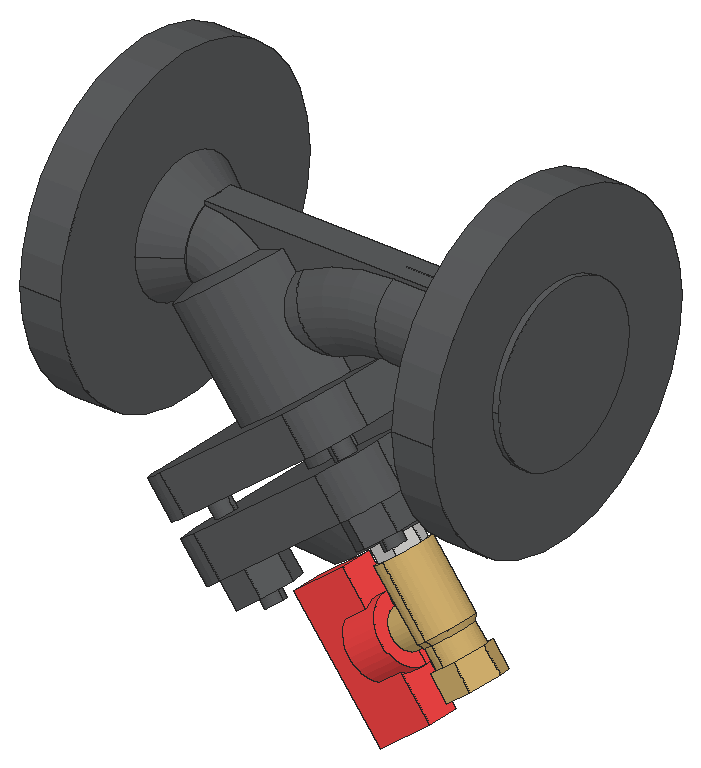
Revit family "FVF_DN15-300_PN16_Draining Valve_RFA", category Pipe Accessories, Revit 2019
Family settings
  Round Connector Dimension = Use Diameter
  Part Type = Valve - Breaks Into
  OmniClass Number = 23.60.30.11
  OmniClass Title = Pipework Products for General Use
  Work Plane-Based = No
  Always vertical = Yes
  Cut with Voids When Loaded = No
  Shared = No
Parameters (values of type "FVF_DN15_PN16_with draining valve_065B7726")
  Weight = 2.20 kg
  W = D2  # 95 mm
  URL = "https://store.danfoss.com/en/Climate-Solutions-for-heating/Strainers/Strainers-for-District-Heating-and-District-Cooling/c/4071?q=%3Arelevance%3Adanfoss_producttypehierarchydesc%3Ac0f3d6ea79d70004a3a14d8528cae98d95d6f5b5&text="
  Pressure Drop [instance] = 0.0 Pa
  Number of meshes = "150/cm2"
  Nominal Pressure = "PN 16"  # constant formula
  Model Type = "FVF_DN15_PN16_with draining valve"
  Model = "065B7726"
  Min Medium Temperature = "-10 °C"  # constant formula
  Mesh Size = "0.54 mm"
  Max Medium Temperature = "150 °C"  # constant formula
  Manufacturer = "Danfoss"  # constant formula
  LOD 350 = not(LOD 200)  # yes
  LOD 200 = no
  L5 = 58.5 mm
  L_1 = 35 mm
  L4 = 5.7 mm
  L3 = 12.4 mm
  L2 = 81.2 mm
  L1 = 126 mm
  L = 130 mm
  Kvs = 5.3 m³/h
  IfcExportType = "FVF"  # constant formula
  IfcExportAs = "IfcValveType"  # constant formula
  H2 = D2 / 2  # 47.5 mm
  H1 = 81 mm
  H = H1 + (D2 / 2)  # 128.5 mm
  Flow [instance] = 0.0 m³/h
  Body Top = Strainer_top_Draining Valve : 15
  Description = "Strainer"  # constant formula
  D4_2 = D4 / 2  # 12.5 mm
  D4 = 25 mm
  D3 = 38.8 mm
  D2 = 95 mm
  D1 = 49.8 mm
  D = 15 mm
  Connection = "Flange"  # constant formula
  Body Material = Danfoss Cast Iron
  A_R2 = D4 / 2 - 8 mm  # 4.5 mm
  A_R1 = 20 mm
  A_H2 = 5 mm
  A_H1 = 38.5 mm
  A = 52.00°
Types (15, lengths in mm): name | Weight | W | Number of meshes | Model Type | Model | Mesh Size | L5 | L_1 | L4 | L3 | L2 | L1 | L | Kvs | H2 | H1 | H | Body Top | D4_2 | D4 | D3 | D2 | D1 | D | A_R2 | A_R1 | A_H2 | A_H1 | A
  (no name) | 2.20 kg | 95 | "150/cm2" | "FVF_DN15_PN16_with draining valve" | "065B7726" | "0.54 mm" | 58.5 | 35 | 5.7 | 12.4 | 81.2 | 126 | 130 | 5.3 m³/h | 47.5 | 81 | 128.5 | Strainer_top_Draining Valve : 15 | 12.5 | 25 | 38.8 | 95 | 49.8 | 15 | 4.5 | 20 | 5 | 38.5 | 52.00°
  FVF_DN100_PN16_with draining valve_065B7734 | 25.00 kg | 218 | "25/cm2" | "FVF_DN100_PN16_with draining valve" | "065B7734" | "1.18 mm" | 113 | 108.75 | 25.75 | 19.2 | 269 | 343 | 350 | 201.0 m³/h | 109 | 240 | 349 | Strainer_top_Draining Valve : 100 | 57 | 114 | 140 | 218 | 158 | 100 | 49 | 71.5 | 30 | 192.6 | 45.00°
  FVF_DN150_PN16_with draining valve_065B7736 | 61.00 kg | 285 | "25/cm2" | "FVF_DN150_PN16_with draining valve" | "065B7736" | "1.18 mm" | 125 | 123.6 | 35 | 20.8 | 370 | 471.8 | 480 | 542.0 m³/h | 142.5 | 305 | 447.5 | Strainer_top_Draining Valve : 150 | 83 | 166 | 202 | 285 | 212 | 150 | 75 | 107.2 | 71.288 | 256.288 | 45.00°
  FVF_DN200_PN16_with draining valve_065B7737 | 109.00 kg | 340 | "25/cm2" | "FVF_DN200_PN16_with draining valve" | "065B7737" | "1.18 mm" | 145 | 195 | 52 | 26.7 | 495 | 591.8 | 600 | 870.0 m³/h | 170 | 437 | 607 | Strainer_top_Draining Valve : 200 | 113 | 226 | 259 | 340 | 268 | 200 | 105 | 140 | 76 | 407.4 | 45.00°
  FVF_DN250_PN16_with draining valve_065B7738 | 162.00 kg | 405 | "25/cm2" | "FVF_DN250_PN16_with draining valve" | "065B7738" | "1.18 mm" | 220 | 193 | 60 | 29 | 574.5 | 724 | 730 | 1260.0 m³/h | 202.5 | 466 | 668.5 | Strainer_top_Draining Valve : 250 | 139 | 278 | 309 | 405 | 328 | 250 | 131 | 150 | 101 | 382 | 45.00°
  FVF_DN300_PN16_with draining valve_065B7739 | 280.00 kg | 460 | "25/cm2" | "FVF_DN300_PN16_with draining valve" | "065B7739" | "1.18 mm" | 150 | 232 | 82 | 28 | 712 | 842 | 850 | 1735.0 m³/h | 230 | 550 | 780 | Strainer_top_Draining Valve : 300 | 166 | 332 | 362.5 | 460 | 386 | 300 | 158 | 176 | 98.4 | 465.8 | 45.00°
  FVF_DN125_PN16_with draining valve_065B7735 | 39.00 kg | 248 | "25/cm2" | "FVF_DN125_PN16_with draining valve" | "065B7735" | "1.18 mm" | 75 | 115 | 30.6 | 20.8 | 305.8 | 393 | 400 | 350.0 m³/h | 124 | 273 | 397 | Strainer_top_Draining Valve : 125 | 71.45 | 142.9 | 172.3 | 248 | 191 | 125 | 63.45 | 96 | 45 | 227.4 | 45.00°
  FVF_DN80_PN16_with draining valve_065B7733 | 16.60 kg | 198 | "25/cm2" | "FVF_DN80_PN16_with draining valve" | "065B7733" | "1.18 mm" | 95 | 90.6 | 19.6 | 18 | 219.5 | 303 | 310 | 140.0 m³/h | 99 | 185 | 284 | Strainer_top_Draining Valve : 80 | 46.5 | 93 | 119 | 198 | 138.6 | 80 | 38.5 | 61.3 | 28.5 | 139.5 | 45.00°
  FVF_DN65_PN16_with draining valve_065B7732 | 12.00 kg | 184 | "64/cm2" | "FVF_DN65_PN16_with draining valve" | "065B7732" | "0.87 mm" | 105 | 73.4 | 16.6 | 17.5 | 207.5 | 283 | 290 | 95.0 m³/h | 92 | 155 | 247 | Strainer_top_Draining Valve : 65 | 38.5 | 77 | 93.6 | 184 | 125 | 65 | 30.5 | 54.8 | 25.6 | 122.9 | 45.00°
  FVF_DN50_PN16_with draining valve_065B7731 | 8.50 kg | 163 | "64/cm2" | "FVF_DN50_PN16_with draining valve" | "065B7731" | "0.87 mm" | 75 | 56.5 | 13.5 | 15.2 | 156.9 | 223.3 | 230 | 54.0 m³/h | 81.5 | 135 | 216.5 | Strainer_top_Draining Valve : 50 | 31 | 62 | 82.8 | 163 | 109.3 | 50 | 23 | 43.8 | 20.5 | 100.6 | 45.00°
  FVF_DN40_PN16_with draining valve_065B7730 | 6.50 kg | 149.5 | "64/cm2" | "FVF_DN40_PN16_with draining valve" | "065B7730" | "0.87 mm" | 64 | 48.6 | 11.4 | 14.6 | 129.4 | 192.9 | 200 | 33.0 m³/h | 74.75 | 135 | 209.75 | Strainer_top_Draining Valve : 40 | 25.5 | 51 | 73.2 | 149.5 | 95.7 | 40 | 17.5 | 38.5 | 19 | 82.7 | 45.00°
  FVF_DN32_PN16_with draining valve_065B7729 | 5.00 kg | 139.5 | "64/cm2" | "FVF_DN32_PN16_with draining valve" | "065B7729" | "0.87 mm" | 65 | 45.5 | 9.5 | 14.6 | 116.7 | 172.8 | 180 | 20.0 m³/h | 69.75 | 135 | 204.75 | Strainer_top_Draining Valve : 32 | 21 | 42 | 62.5 | 139.5 | 87.8 | 32 | 13 | 32.4 | 16.5 | 64.3 | 45.00°
  FVF_DN25_PN16_with draining valve_065B7728 | 3.80 kg | 115 | "64/cm2" | "FVF_DN25_PN16_with draining valve" | "065B7728" | "0.87 mm" | 60 | 45 | 8 | 14 | 101 | 156 | 160 | 16.5 m³/h | 57.5 | 91 | 148.5 | Strainer_top_Draining Valve : 25 | 17.5 | 35 | 53.4 | 115 | 72.8 | 25 | 9.5 | 28 | 6 | 56 | 45.00°
  FVF_DN20_PN16_with draining valve_065B7727 | 3.30 kg | 105 | "150/cm2" | "FVF_DN20_PN16_with draining valve" | "065B7727" | "0.54 mm" | 68.5 | 40 | 7.5 | 12.4 | 95 | 146 | 150 | 9.5 m³/h | 52.5 | 82 | 134.5 | Strainer_top_Draining Valve : 20 | 15 | 30 | 46.8 | 105 | 62.8 | 20 | 7 | 21.288 | 5 | 39.5 | 52.00°
  FVF_DN15_PN16_with draining valve_065B7726 | 2.20 kg | 95 | "150/cm2" | "FVF_DN15_PN16_with draining valve" | "065B7726" | "0.54 mm" | 58.5 | 35 | 5.7 | 12.4 | 81.2 | 126 | 130 | 5.3 m³/h | 47.5 | 81 | 128.5 | Strainer_top_Draining Valve : 15 | 12.5 | 25 | 38.8 | 95 | 49.8 | 15 | 4.5 | 20 | 5 | 38.5 | 52.00°
Reference planes
  plane 1 "Center (Front/Back)": y = -30
  plane 2: z = 0
  plane 3 "Center (Left/Right)": x = 5.25
  plane 4: y = -77.5
  plane 5: y = 17.5
  plane 6: x = 105.25
  plane 7: x = -24.75
  plane 8: x = -22.75
  plane 9: x = 103.25
  plane 10: x = -0.35
  plane 11: x = 80.85
  plane 12: z = 417.5
  plane 13: z = -47.5
  plane 14: x = 40.25
  plane 15 "Front_1": y = -25
  plane 16 "Front_2": y = -35
  plane 17: z = 47.5
  plane 18: z = -81
  plane 19: z = 12.5
  plane 20: x = -10.35
  plane 21: x = 90.85
  plane 22: x = 46.75
  plane 23: x = 126
  plane 24: x = 10.95
  plane 25: x = 41.05
  plane 26: x = 35.35
  plane 27: z = -5.7
  plane 28: x = -0.45
Forms (mm)
  Blend 1, solid, material "Danfoss Cast Iron" <- "Body Material", visible <- "LOD 350", detail levels fine
    base sketch origin (5.25, 0, 0) x (0, 1, 0) y (0, 0, 1)
      loop
        circle (-30, 0) r 12.5
    top sketch origin (5.25, 0, 0) x (0, 1, 0) y (0, 0, 1)
      loop
        circle (-30, 0) r 19.4
    from -5.6 to -15.6
  Blend 2, solid, material "Danfoss Cast Iron" <- "Body Material", visible <- "LOD 350", detail levels fine
    base sketch origin (0, 0, 0) x (0, 1, 0) y (0, 0, -1)
      loop
        circle (-30, 0) r 12.5
    top sketch origin (0, 0, 0) x (0, 1, 0) y (0, 0, -1)
      loop
        circle (-30, 0) r 19.4
    from -80.85 to -90.85
  Extrusion 3, solid, material "Danfoss Cast Iron" <- "Body Material", detail levels fine
    sketch origin (5.25, 0, 0) x (0, 1, 0) y (0, 0, 1)
      loop
        circle (-30, 0) r 47.5
    from 85.6 to 98
  Extrusion 4, solid, material "Danfoss Cast Iron" <- "Body Material", detail levels fine
    sketch origin (0, 0, 0) x (0, 1, 0) y (0, 0, -1)
      loop
        circle (-30, 0) r 47.5
    from 10.35 to 22.75
  Extrusion 5, solid, material "Danfoss Cast Iron" <- "Body Material", detail levels fine
    sketch origin (5.25, 0, 0) x (0, 1, 0) y (0, 0, 1)
      loop
        circle (-30, 0) r 24.9
    from 98 to 100
  Extrusion 6, solid, material "Danfoss Cast Iron" <- "Body Material", detail levels fine
    sketch origin (0, 0, 0) x (0, 1, 0) y (0, 0, -1)
      loop
        circle (-30, 0) r 24.9
    from 22.75 to 24.75
  Sweep 7, solid, material "Danfoss Cast Iron" <- "Body Material", visible <- "LOD 350", detail levels fine
    path origin (0, -30, 0) x (1, 0, 0) y (0, 0, 1)
      loop
        line (-10.35, 0) -> (-0.45, 0)
        arc (-0.45, 0) -> (5.923, -1.504) -> (10.95, -5.7) r 14.25
    profile origin (-5.4, -30, 0) x (0, 0, 1) y (0, -1, 0)
      loop
        circle (0, 0) r 12.5
  Sweep 8, solid, material "Danfoss Cast Iron" <- "Body Material", visible <- "LOD 350", detail levels fine
    path origin (0, -30, 0) x (1, 0, 0) y (0, 0, 1)
      loop
        line (80.85, 0) -> (57.416, 0)
        arc (57.416, 0) -> (46.021, -1.448) -> (35.35, -5.7) r 45.561
        line (35.35, -5.7) -> (17.447, -15.611)
    profile origin (69.133, -30, 0) x (0, 0, -1) y (0, -1, 0)
      loop
        circle (0, 0) r 12.5
  Extrusion 9, solid, material "Danfoss Cast Iron" <- "Body Material", visible <- "LOD 350", detail levels fine
    sketch origin (0, -30, 0) x (1, 0, 0) y (0, 0, 1)
      loop
        line (-0.35, 12.5) -> (-0.35, 0) -> (80.85, 0) -> (80.85, 12.5) -> (-0.35, 12.5)
    from -5 to 5
  Extrusion 10, solid, material "Danfoss Cast Iron" <- "Body Material", visible <- "LOD 200", detail levels fine
    sketch origin (5.25, 0, 0) x (0, 1, 0) y (0, 0, 1)
      loop
        circle (-30, 0) r 12.5
    from -15.6 to 85.6
  Extrusion 11, solid, material "Danfoss Cast Iron" <- "Body Material", visible <- "LOD 350", detail levels fine
    sketch origin (0, -30, 0) x (1, 0, 0) y (0, 0, 1)
      loop
        line (47.527, -54.112) -> (116.787, 0) -> (5.25, 0) -> (47.527, -54.112)
    from -5 to 5
  Extrusion 12, void, detail levels fine
    sketch origin (0, -30, 0) x (1, 0, 0) y (0, 0, 1)
      loop
        line (90.85, 0) -> (90.85, -47.5) -> (290.85, -47.5) -> (290.85, 0) -> (90.85, 0)
    from -47.5 to 47.5
  Revolve 13, solid, material "Danfoss Cast Iron" <- "Body Material", detail levels fine
    sketch origin (0, -30, 0) x (1, 0, 0) y (0, 0, 1)
      loop
        line (24.089, 8.373) -> (8.328, -3.94) -> (28.953, -30.338) -> (44.713, -18.025) -> (24.089, 8.373)
      axis (8.328, -3.94) -> (28.953, -30.338)
    angle from 0 to 360
  Revolve 14, solid, material "Danfoss Cast Iron" <- "Body Material", detail levels fine
    sketch origin (0, -30, 0) x (1, 0, 0) y (0, 0, 1)
      loop
        line (24.089, 8.373) -> (8.796, 2.77) -> (5.25, 0) -> (8.328, -3.94) -> (24.089, 8.373)
      axis (8.328, -3.94) -> (5.25, 0)
    angle from 0 to 360
Cuts and joins
  Extrusion 12 cuts Blend 2
  Extrusion 12 cuts Extrusion 10
  Extrusion 12 cuts Extrusion 11
Lines and regions (mm)
  reference lines
    curve 1: line (5.25, -30, 0) -> (273.063, -30, -342.785)
    curve 2: line (5.25, -30, 0) -> (320.454, -30, 246.265)
    curve 3: line (323.533, -30, 242.325) -> (8.328, -30, -3.94)
    curve 4: line (344.157, -30, 215.926) -> (28.953, -30, -30.338)
    curve 5: line (8.796, -30, 2.77) -> (276.609, -30, -340.014)
    curve 6: line (21.01, -30, 12.313) -> (288.823, -30, -330.471)
Dimensions and locks
  "L": plane 6 to plane 7
  "L1": plane 9 to plane 8
  "L2": plane 11 to plane 10
  "L_1": plane 14 to plane 3 "Center (Left/Right)"
  equal spacing: plane 6, plane 14, plane 7
  equal spacing: plane 9, plane 14, plane 8
  equal spacing: plane 11, plane 14, plane 10
  "D2": plane 4 to plane 5
  equal spacing: plane 4, plane 1 "Center (Front/Back)", plane 5
  equal spacing: plane 16 "Front_2", plane 1 "Center (Front/Back)", plane 15 "Front_1"
  plane 16 "Front_2" to plane 15 "Front_1" = 10 mm
  "H": plane 17 to plane 18
  "H1": plane 2 to plane 18
  "D4_2": plane 19 to plane 2
  "H2": plane 2 to plane 13
  "L3": plane 20 to plane 8
  "L3": plane 9 to plane 21
  "L5": plane 6 to plane 22
  equal spacing: plane 22, plane 25, plane 26
  "L4": plane 22 to plane 25
  "L4": plane 2 to plane 27
  equal spacing: plane 24, plane 3 "Center (Left/Right)", plane 28
  "L4": plane 3 "Center (Left/Right)" to plane 28
  Extrusion 12 sketch curve to plane 21 = 200 mm
  Extrusion 12 to plane 13 = 47.5 mm
  "A_H2": curve 3 to curve 2
  "A_H1": curve 4 to curve 2
  "A_R2": curve 1 to curve 5
  "A_R1": curve 1 to curve 6
  curve 1 to curve 1 = 435 mm
  curve 2 to curve 2 = 400 mm
  curve 3 to curve 3 = 400 mm
  curve 4 to curve 4 = 400 mm
  curve 5 to curve 5 = 435 mm
  curve 6 to curve 6 = 435 mm
  "D4": diameter of Blend 1 sketch curve
  "D3": diameter of Blend 1 sketch curve
  "D4": diameter of Blend 2 sketch curve
  "D3": diameter of Blend 2 sketch curve
  "D2": diameter of Extrusion 3 sketch curve
  "D2": diameter of Extrusion 4 sketch curve
  "D1": diameter of Extrusion 5 sketch curve
  "D1": diameter of Extrusion 6 sketch curve
  "D4": diameter of Sweep 7 sketch curve
  "D4": diameter of Sweep 8 sketch curve
  "D4": diameter of Extrusion 10 sketch curve
  "A": angle curve 1 to plane 2
  locked: curve 1 to curve 2 (angle 90.00°)
  "A": angle nested 2 to plane 2
  aligned and locked: level to plane 2
  aligned and locked: plane 10 to Blend 1
  aligned and locked: plane 9 to Extrusion 3
  aligned and locked: Extrusion 4 to plane 8
  aligned and locked: plane 6 to Extrusion 5
  aligned and locked: Extrusion 5 to plane 9
  aligned and locked: Extrusion 6 to plane 7
  aligned and locked: plane 8 to Extrusion 6
  aligned and locked: Blend 2 to plane 11
  aligned and locked: plane 1 "Center (Front/Back)" to nested 1
  aligned and locked: nested 1 to plane 2
  aligned and locked: plane 20 to Extrusion 4
  aligned and locked: Extrusion 3 to plane 21
  aligned and locked: Blend 1 to plane 20
  aligned and locked: plane 21 to Blend 2
  aligned and locked: plane 7 to nested 1
  aligned and locked: plane 20 to Sweep 7 sketch curve
  aligned and locked: Sweep 7 sketch curve to plane 2
  aligned and locked: plane 11 to Sweep 8 sketch curve
  aligned and locked: plane 26 to Sweep 8 sketch curve
  aligned and locked: plane 27 to Sweep 8 sketch curve
  aligned and locked: Extrusion 9 sketch curve to plane 19
  aligned and locked: Extrusion 9 sketch curve to plane 10
  aligned and locked: Extrusion 9 sketch curve to plane 2
  aligned and locked: Extrusion 9 to plane 15 "Front_1"
  aligned and locked: plane 16 "Front_2" to Extrusion 9
  aligned and locked: Blend 2 to Extrusion 10
  aligned and locked: Blend 1 to Extrusion 10
  aligned and locked: plane 28 to Sweep 7 sketch curve
  aligned and locked: plane 24 to Sweep 7 sketch curve
  aligned and locked: plane 27 to Sweep 7 sketch curve
  aligned and locked: Extrusion 11 to plane 15 "Front_1"
  aligned and locked: plane 16 "Front_2" to Extrusion 11
  aligned and locked: Extrusion 11 sketch curve to plane 2
  aligned and locked: plane 1 "Center (Front/Back)" to nested 2
  aligned and locked: Extrusion 12 sketch curve to Blend 2
  aligned and locked: Extrusion 12 sketch curve to Extrusion 3
  aligned and locked: plane 13 to Extrusion 12 sketch curve
  aligned and locked: plane 4 to Extrusion 12
  aligned and locked: Extrusion 12 to plane 5
  aligned and locked: curve 3 to Revolve 13 sketch curve
  aligned and locked: curve 4 to Revolve 13 sketch curve
  aligned and locked: curve 1 to Revolve 13 sketch curve
  aligned and locked: Revolve 13 sketch curve to Revolve 13 sketch curve  (x2)
  aligned and locked: curve 6 to Revolve 13 sketch curve
  aligned and locked: Revolve 14 sketch curve to curve 2
  aligned and locked: Revolve 14 sketch curve to curve 1
  aligned and locked: Revolve 14 sketch curve to Revolve 14 sketch curve  (x2)
  aligned and locked: curve 1 to nested 2
  aligned and locked: Revolve 14 sketch curve to curve 5
  aligned and locked: Revolve 13 to Revolve 14 sketch curve
  aligned and locked: curve 6 to Revolve 14 sketch curve
  aligned and locked: curve 1 to Sweep 8 sketch curve
  aligned and locked: curve 4 to nested 2
  aligned and locked: Extrusion 9 sketch curve to plane 11
  aligned and locked: Extrusion 11 sketch curve to curve 1
Automatic sketch dimensions
  Sweep 8 sketch curve to level = 0 mm
  plane 22 to Sweep 8 sketch curve = 10.666 mm
  Revolve 13 sketch curve to Revolve 13 sketch curve = 0.183 mm
  Revolve 14 sketch curve to level = 0 mm
  Extrusion 11 sketch curve to plane 13 = 6.612 mm
  curve 2 to level = 0 mm
  curve 2 to plane 3 "Center (Left/Right)" = 0 mm
  Blend 1 sketch curve to level = 0 mm  (x2)
  Blend 1 sketch curve to plane 1 "Center (Front/Back)" = 0 mm  (x2)
  Blend 2 sketch curve to level = 0 mm  (x2)
  Blend 2 sketch curve to plane 1 "Center (Front/Back)" = 0 mm  (x2)
  Extrusion 3 sketch curve to level = 0 mm
  Extrusion 3 sketch curve to plane 1 "Center (Front/Back)" = 0 mm
  Extrusion 4 sketch curve to level = 0 mm
  Extrusion 4 sketch curve to plane 1 "Center (Front/Back)" = 0 mm
  Extrusion 5 sketch curve to level = 0 mm
  Extrusion 5 sketch curve to plane 1 "Center (Front/Back)" = 0 mm
  Extrusion 6 sketch curve to level = 0 mm
  Extrusion 6 sketch curve to plane 1 "Center (Front/Back)" = 0 mm
  Sweep 7 sketch curve to plane 1 "Center (Front/Back)" = 0 mm
  profile plane to Sweep 7 sketch curve = 0 mm
  Sweep 8 sketch curve to plane 1 "Center (Front/Back)" = 0 mm
  Sweep 8 sketch curve to profile plane = 0 mm
  Extrusion 10 sketch curve to level = 0 mm
  Extrusion 10 sketch curve to plane 1 "Center (Front/Back)" = 0 mm
Nested families
  nested 1: "Schematic_Strainer_Flange" at (40.25, -30, 0), type "Schematic_Strainer_Flange", detail levels coarse+medium
    with L3 6.5 mm, L2 52 mm, L1 7.429 mm, L 130 mm, H1 18.571 mm, H 65 mm, D1 95 mm
  nested 2: "Strainer_top_Draining Valve" at (47.115, -30, -53.585) x (-0.788, 0, -0.6157) z (0.6157, 0, -0.788), LOD 200 <- "LOD 200", type <- "Body Top", type "15", detail levels fine
    with LOD 350_Square yes, LOD 350_Round no, LOD 350 yes, LOD 200_Square no, LOD 200_Round no, LOD 200 no
Connectors
  piping at (105.25, -30, 0), diameter 15, driven by "D", driven by "Flow"
    settings: on Extrusion 5, index 1, connector inside diameter 609.6 mm, connector length 0 mm, flow factor 0, pipe flow 0.0 m³/h, pressure drop 0.0 Pa, fitting loss kfactor 0, connector angle 0.00°, fixture units 0, engagement length 0 mm, angle of deflection 0.00°, flow configuration 0, flow direction 2, fitting loss method 0, system type 29, joint type 0, gender type 0, connector reference index 2, connector utility 0, adjustable connector no, is connector primary yes, connector description ""
  piping at (-24.75, -30, 0), diameter 15, driven by "D", driven by "Flow"
    settings: on Extrusion 6, index 2, connector inside diameter 609.6 mm, connector length 0 mm, flow factor 0, pipe flow 0.0 m³/h, pressure drop 0.0 Pa, fitting loss kfactor 0, connector angle 0.00°, fixture units 0, engagement length 0 mm, angle of deflection 0.00°, flow configuration 0, flow direction 1, fitting loss method 0, system type 29, joint type 0, gender type 0, connector reference index 1, connector utility 0, adjustable connector no, is connector primary no, connector description ""
Definition of nested family "Strainer_top_Draining Valve"
  Parameters (values of type "15")
    n = 4
    W1 = 65.5 mm
    R2 = 12 mm
    R1 = W1 / 2  # 32.75 mm
    LOD 350_Square [instance] = if(and(LOD 350, n = 4), 1 = 1, 1 = 0)  # yes
    LOD 350_Round [instance] = if(and(LOD 350, n > 4), 1 = 1, 1 = 0)  # no
    LOD 350 [instance] = not(LOD 200)  # yes
    LOD 200_Square [instance] = if(and(LOD 200, n = 4), 1 = 1, 1 = 0)  # no
    LOD 200_Round [instance] = if(and(LOD 200, n > 4), 1 = 1, 1 = 0)  # no
    LOD 200 [instance] = no
    H4 = 39.5 mm
    H3 = 13 mm
    H2 = 4.5 mm
    H1 = 12 mm
    H = 52.5 mm
    Draining Ball Valve = Draining Ball Valve_DN10-15_RFA : Draining Ball Valve_DN10_065B7802
    D4 = 31.9 mm
    D2 = if(D1 < 150 mm, D1 - 50 mm, D1 - 100 mm)  # 21 mm
    D1 = 71 mm
    D3 = 46.7 mm
    Bolt Type = Bolt : 16
    Body Material = none
    A = 45.00°
  Types (14, lengths in mm): name | n | W1 | R2 | R1 | LOD 350_Square | LOD 350_Round | LOD 350 | LOD 200_Round | LOD 200 | H4 | H3 | H2 | H1 | H | Draining Ball Valve | D4 | D2 | D1 | D3 | Bolt Type | A
    300 | 16 | 416.8 | 12 | 208.4 | no | yes | yes | no | no | 102.6 | 26 | 6 | 33 | 119 | Draining Ball Valve_DN10-15_RFA : Draining Ball Valve_DN15_065B7801 | 40 | 370 | 470 | 370 | Bolt : 30 | 22.50°
    250 | 12 | 347.7 | 12 | 173.85 | no | no | no | yes | yes | 75.5 | 31 | 4.5 | 32 | 95.5 | Draining Ball Valve_DN10-15_RFA : Draining Ball Valve_DN15_065B7801 | 215 | 304 | 404 | 273 | Bolt : 30 | 30.00°
    200 | 12 | 251.6 | 12 | 125.8 | no | yes | yes | no | no | 75 | 22 | 3.5 | 32.3 | 86 | Draining Ball Valve_DN10-15_RFA : Draining Ball Valve_DN15_065B7801 | 33 | 190 | 290 | 170 | Bolt : 24 | 30.00°
    150 | 10 | 190 | 12 | 95 | no | yes | yes | no | no | 64 | 16 | 1.5 | 31 | 80 | Draining Ball Valve_DN10-15_RFA : Draining Ball Valve_DN15_065B7801 | 42 | 132 | 232 | 197.6 | Bolt : 24 | 36.00°
    100 | 10 | 154.8 | 12 | 77.4 | no | yes | yes | no | no | 47.3 | 14 | 5.4 | 19.5 | 67.3 | Draining Ball Valve_DN10-15_RFA : Draining Ball Valve_DN15_065B7801 | 32 | 92 | 192 | 147.8 | Bolt : 24 | 36.00°
    125 | 8 | 166 | 12 | 83 | no | yes | yes | no | no | 55.9 | 15 | 1.5 | 29.3 | 72.4 | Draining Ball Valve_DN10-15_RFA : Draining Ball Valve_DN15_065B7801 | 42 | 114 | 214 | 172 | Bolt : 24 | 45.00°
    80 | 4 | 135 | 17 | 67.5 | yes | no | yes | no | no | 55 | 19 | 3.5 | 24 | 71.5 | Draining Ball Valve_DN10-15_RFA : Draining Ball Valve_DN15_065B7801 | 82.5 | 86 | 136 | 98.7 | Bolt : 24 | 45.00°
    65 | 4 | 115 | 13.5 | 57.5 | yes | no | yes | no | no | 50.2 | 17 | 3.5 | 16.7 | 60.5 | Draining Ball Valve_DN10-15_RFA : Draining Ball Valve_DN15_065B7801 | 33 | 61 | 111 | 90.4 | Bolt : 18 | 45.00°
    50 | 4 | 98 | 13.5 | 49 | yes | no | yes | no | no | 47.4 | 16 | 3 | 16.9 | 60.5 | Draining Ball Valve_DN10-15_RFA : Draining Ball Valve_DN10_065B7802 | 31.5 | 49 | 99 | 70 | Bolt : 18 | 45.00°
    40 | 4 | 88 | 13.5 | 44 | yes | no | yes | no | no | 47.4 | 16 | 2.5 | 17.4 | 60.5 | Draining Ball Valve_DN10-15_RFA : Draining Ball Valve_DN10_065B7802 | 31.5 | 41 | 91 | 60 | Bolt : 18 | 45.00°
    32 | 4 | 72 | 12 | 36 | yes | no | yes | no | no | 40.7 | 13 | 3.5 | 14.2 | 53.5 | Draining Ball Valve_DN10-15_RFA : Draining Ball Valve_DN10_065B7802 | 31.9 | 26 | 76 | 48 | Bolt : 16 | 45.00°
    25 | 4 | 72 | 12 | 36 | yes | no | yes | no | no | 39.5 | 13 | 4.5 | 12 | 52.5 | Draining Ball Valve_DN10-15_RFA : Draining Ball Valve_DN10_065B7802 | 31.9 | 26 | 76 | 48 | Bolt : 16 | 45.00°
    20 | 4 | 65.5 | 12 | 32.75 | yes | no | yes | no | no | 39.5 | 13 | 4.5 | 12 | 52.5 | Draining Ball Valve_DN10-15_RFA : Draining Ball Valve_DN10_065B7802 | 31.9 | 21 | 71 | 46.7 | Bolt : 16 | 45.00°
    15 | 4 | 65.5 | 12 | 32.75 | yes | no | yes | no | no | 39.5 | 13 | 4.5 | 12 | 52.5 | Draining Ball Valve_DN10-15_RFA : Draining Ball Valve_DN10_065B7802 | 31.9 | 21 | 71 | 46.7 | Bolt : 16 | 45.00°
  Reference planes
    plane 1 "Center (Front/Back)": y = 0
    plane 2: z = 0
    plane 3 "Center (Left/Right)": x = 0
    plane 4: z = -17.5
    plane 5: z = -13
    plane 6: z = 10
    plane 7: y = 32.75
    plane 8: y = -32.75
    plane 9: through (0, 0, 1200) normal (-0.7071, -0.7071, 0)
    plane 10: z = -29.5
    plane 11: z = 23
    plane 12: y = 35.5
    plane 13: y = -35.5
    plane 14: x = 35.5
    plane 15: x = -35.5
  Forms (mm)
    Extrusion 1, solid, material <- "Body Material", visible <- "LOD 350_Round", detail levels fine
      sketch origin (0, 0, 0) x (1, 0, 0) y (0, 1, 0)
        loop
          circle (0, 0) r 35.5
      from -29.5 to -17.5
    Extrusion 2, solid, material <- "Body Material", visible <- "LOD 350", detail levels fine
      sketch origin (0, 0, 0) x (1, 0, 0) y (0, 1, 0)
        loop
          circle (0, 0) r 10.5
      from -17.5 to -13
    Extrusion 3, solid, material <- "Body Material", visible <- "LOD 350_Round", detail levels fine
      sketch origin (0, 0, 0) x (1, 0, 0) y (0, 1, 0)
        loop
          circle (0, 0) r 35.5
      from -13 to 0
    Blend 4, solid, material <- "Body Material", visible <- "LOD 350", detail levels fine
      base sketch origin (0, 0, 0) x (1, 0, 0) y (0, 1, 0)
        loop
          circle (0, 0) r 23.35
      top sketch origin (0, 0, 0) x (1, 0, 0) y (0, 1, 0)
        loop
          circle (0, 0) r 15.95
      from 0 to 10
    Extrusion 5, solid, material <- "Body Material", visible <- "LOD 200_Round", detail levels fine
      sketch origin (0, 0, 0) x (1, 0, 0) y (0, 1, 0)
        loop
          circle (0, 0) r 35.5
      from -29.5 to 10
    Extrusion 6, solid, material <- "Body Material", visible <- "LOD 350_Square"
      sketch origin (0, 0, 0) x (1, 0, 0) y (0, 1, 0)
        loop
          arc (-23.5, 35.5) -> (-31.985, 31.985) -> (-35.5, 23.5) r 12
          line (-35.5, 23.5) -> (-35.5, -23.5)
          arc (-35.5, -23.5) -> (-31.985, -31.985) -> (-23.5, -35.5) r 12
          line (-23.5, -35.5) -> (23.5, -35.5)
          arc (23.5, -35.5) -> (31.985, -31.985) -> (35.5, -23.5) r 12
          line (35.5, -23.5) -> (35.5, 23.5)
          arc (35.5, 23.5) -> (31.985, 31.985) -> (23.5, 35.5) r 12
          line (23.5, 35.5) -> (-23.5, 35.5)
      from -29.5 to -17.5
    Extrusion 7, solid, material <- "Body Material", visible <- "LOD 200_Square"
      sketch origin (0, 0, 0) x (1, 0, 0) y (0, 1, 0)
        loop
          line (-35.5, 35.5) -> (-35.5, -35.5) -> (35.5, -35.5) -> (35.5, 35.5) -> (-35.5, 35.5)
      from -29.5 to 10
    Extrusion 8, solid, material <- "Body Material", visible <- "LOD 350_Square"
      sketch origin (0, 0, 24.9) x (1, 0, 0) y (0, 1, 0)
        loop
          arc (-23.5, 35.5) -> (-31.985, 31.985) -> (-35.5, 23.5) r 12
          line (-35.5, 23.5) -> (-35.5, -23.5)
          arc (-35.5, -23.5) -> (-31.985, -31.985) -> (-23.5, -35.5) r 12
          line (-23.5, -35.5) -> (23.5, -35.5)
          arc (23.5, -35.5) -> (31.985, -31.985) -> (35.5, -23.5) r 12
          line (35.5, -23.5) -> (35.5, 23.5)
          arc (35.5, 23.5) -> (31.985, 31.985) -> (23.5, 35.5) r 12
          line (23.5, 35.5) -> (-23.5, 35.5)
      from -37.9 to -24.9
  Dimensions and locks
    "H2": plane 5 to plane 4
    equal spacing: plane 8, plane 1 "Center (Front/Back)", plane 7
    "W1": plane 8 to plane 7
    "H1": plane 4 to plane 10
    "H4": plane 6 to plane 10
    "H3": level to plane 5
    "H": plane 11 to plane 10
    equal spacing: plane 15, plane 3 "Center (Left/Right)", plane 14
    "D1": plane 15 to plane 14
    equal spacing: plane 13, plane 1 "Center (Front/Back)", plane 12
    "D1": plane 13 to plane 12
    "D1": diameter of Extrusion 1 sketch curve
    "D2": diameter of Extrusion 2 sketch curve
    "D1": diameter of Extrusion 3 sketch curve
    "D3": diameter of Blend 4 sketch curve
    "D4": diameter of Blend 4 sketch curve
    "D1": diameter of Extrusion 5 sketch curve
    "R2": radius of Extrusion 6 sketch curve  (x4)
    "R2": radius of Extrusion 8 sketch curve  (x4)
    "R1": radius of radial array
    "A": angle plane 3 "Center (Left/Right)" to plane 9
    aligned and locked: level to plane 2
    aligned and locked: plane 4 to Extrusion 1
    aligned and locked: plane 5 to Extrusion 2
    aligned and locked: Extrusion 2 to plane 4
    aligned and locked: Extrusion 3 to plane 5
    aligned and locked: plane 6 to Blend 4
    aligned and locked: Extrusion 1 to plane 10
    aligned and locked: level to Extrusion 3
    aligned and locked: Blend 4 to level
    aligned and locked: Extrusion 5 to Extrusion 1
    aligned and locked: plane 12 to Extrusion 6 sketch curve
    aligned and locked: plane 15 to Extrusion 6 sketch curve
    aligned and locked: Extrusion 6 sketch curve to plane 13
    aligned and locked: Extrusion 6 sketch curve to plane 14
    aligned and locked: plane 12 to Extrusion 7 sketch curve
    aligned and locked: plane 15 to Extrusion 7 sketch curve
    aligned and locked: Extrusion 7 sketch curve to plane 13
    aligned and locked: Extrusion 7 sketch curve to plane 14
    aligned and locked: Extrusion 6 to plane 10
    aligned and locked: plane 4 to Extrusion 6
    aligned and locked: level to Extrusion 8
    aligned and locked: Extrusion 8 to plane 5
    aligned and locked: plane 15 to Extrusion 8 sketch curve
    aligned and locked: plane 12 to Extrusion 8 sketch curve
    aligned and locked: Extrusion 8 sketch curve to plane 14
    aligned and locked: Extrusion 8 sketch curve to plane 13
    aligned and locked: Extrusion 7 to plane 10
    aligned and locked: plane 6 to Extrusion 7
    aligned and locked: plane 1 "Center (Front/Back)" to nested 5
    aligned and locked: plane 3 "Center (Left/Right)" to nested 5
    aligned and locked: nested 5 to plane 6
    aligned and locked: plane 6 to Extrusion 5
  Automatic sketch dimensions
    plane 1 "Center (Front/Back)" to Extrusion 1 sketch curve = 0 mm
    Extrusion 1 sketch curve to plane 3 "Center (Left/Right)" = 0 mm
    plane 1 "Center (Front/Back)" to Extrusion 2 sketch curve = 0 mm
    Extrusion 2 sketch curve to plane 3 "Center (Left/Right)" = 0 mm
    plane 1 "Center (Front/Back)" to Extrusion 3 sketch curve = 0 mm
    Extrusion 3 sketch curve to plane 3 "Center (Left/Right)" = 0 mm
    plane 1 "Center (Front/Back)" to Blend 4 sketch curve = 0 mm  (x2)
    Blend 4 sketch curve to plane 3 "Center (Left/Right)" = 0 mm  (x2)
    plane 1 "Center (Front/Back)" to Extrusion 5 sketch curve = 0 mm
    Extrusion 5 sketch curve to plane 3 "Center (Left/Right)" = 0 mm
  Nested families
    nested 1: "Bolt" at (-23.158, 23.158, 0), type <- "Bolt Type", visible <- "LOD 350", type "16"
    nested 2: "Bolt" at (23.158, 23.158, 0) x (0, -1, 0) z (0, 0, 1), type <- "Bolt Type", visible <- "LOD 350", type "16"
    nested 3: "Bolt" at (-23.158, -23.158, 0) x (0, 1, 0) z (0, 0, 1), type <- "Bolt Type", visible <- "LOD 350", type "16"
    nested 4: "Bolt" at (23.158, -23.158, 0) x (-1, 0, 0) z (0, 0, 1), type <- "Bolt Type", visible <- "LOD 350", type "16"
    nested 5: "Draining Ball Valve_DN10-15_RFA" at (0, 0, 10) x (0, 0, -1) z (1, 0, 0), type <- "Draining Ball Valve", type "Draining Ball Valve_DN10_065B7802"
      with Pressure Drop 0.0 Pa, Flow 0.0 m³/h
  Definition of nested family "Bolt"
    Parameters (values of type "16")
      H2 = 8.4 mm
      H1 = H * 1.5  # 17.25 mm
      H = 11.5 mm
      D2 = D1 - 10 mm  # 6 mm
      D1 = 16 mm
      Body Material = none
    Types (5, lengths in mm): name | H2 | H1 | H | D2 | D1
      (no name) | 8.4 | 17.25 | 11.5 | 6 | 16
      30 | 18 | 42 | 28 | 20 | 30
      24 | 14.8 | 33.75 | 22.5 | 14 | 24
      18 | 10.8 | 20.25 | 13.5 | 8 | 18
      16 | 8.4 | 17.25 | 11.5 | 6 | 16
    Reference planes
      plane 1 "Center (Front/Back)": y = 0
      plane 2: z = 0
      plane 3 "Center (Left/Right)": x = 0
      plane 4: z = 8.4
      plane 5: z = 11.5
      plane 6: z = -17.25
    Forms (mm)
      Extrusion 1, solid, material <- "Body Material"
        sketch origin (0, 0, 0) x (1, 0, 0) y (0, 1, 0)
          loop
            line (-4.619, 8) -> (-9.238, 0) -> (-4.619, -8) -> (4.619, -8) -> (9.238, 0) -> (4.619, 8) -> (-4.619, 8)
        from 0 to 8.4
      Extrusion 2, solid, material <- "Body Material"
        sketch origin (0, 0, 0) x (1, 0, 0) y (0, 1, 0)
          loop
            circle (0, 0) r 3
        from -17.25 to 11.5
    Dimensions and locks
      "H": plane 5 to level
      equal spacing: Extrusion 1 sketch curve, plane 3 "Center (Left/Right)", Extrusion 1 sketch curve  (x2)
      equal spacing: Extrusion 1 sketch curve, plane 1 "Center (Front/Back)", Extrusion 1 sketch curve
      "D1": Extrusion 1 sketch curve to Extrusion 1 sketch curve  (x3)
      "H1": level to plane 6
      "H2": plane 4 to plane 2
      "D2": diameter of Extrusion 2 sketch curve
      angle Extrusion 1 sketch curve to Extrusion 1 sketch curve = 120.00°  (x3)
      aligned and locked: level to plane 2
      aligned and locked: plane 4 to Extrusion 1
      aligned and locked: Extrusion 1 to level
      aligned and locked: plane 5 to Extrusion 2
      aligned and locked: Extrusion 2 to plane 6
    Automatic sketch dimensions
      plane 1 "Center (Front/Back)" to Extrusion 2 sketch curve = 0 mm
      Extrusion 2 sketch curve to plane 3 "Center (Left/Right)" = 0 mm
  Definition of nested family "Draining Ball Valve_DN10-15_RFA"
    Parameters (values of type "Draining Ball Valve_DN15_065B7801")
      Valve Body Material = none
      URL = "https://store.danfoss.com/en/Climate-Solutions-for-heating/Strainers/Strainers-for-District-Heating-and-District-Cooling/c/4071?q=%3Arelevance%3Adanfoss_producttypehierarchydesc%3A463f01af98c9a3e72848813a607d201b1b4320d1&text="
      Pressure Drop [instance] = 0.0 Pa
      Model Type = "Draining Ball Valve_DN15"
      Model = "065B7801"
      Manufacturer = "Danfoss"  # constant formula
      LOD 350 = not(LOD 200)  # yes
      LOD 200 = no
      L1 = 27 mm
      L8 = 22 mm
      L7 = 50 mm
      L6 = 10 mm
      L5 = 8 mm
      L4 = 2 mm
      L3 = 7 mm
      L2 = 17.3 mm
      L = 69 mm
      H1 = 20 mm
      H = 52 mm
      Flow [instance] = 0.0 m³/h
      Description = "Draining Ball Valve"  # constant formula
      D4 = 23 mm
      D3 = 28 mm
      D2 = 24 mm
      D1 = 20 mm
      D = 15 mm
    Types (2, lengths in mm): name | Model Type | Model | L1 | L8 | L7 | L6 | L5 | L4 | L3 | L2 | L | H1 | H | D4 | D3 | D2 | D1 | D
      Draining Ball Valve_DN10_065B7802 | "Draining Ball Valve_DN10" | "065B7802" | 20 | 20 | 43 | 8 | 6 | 1.5 | 5 | 10 | 52 | 12 | 36 | 15 | 16 | 13.856 | 12 | 10
      Draining Ball Valve_DN15_065B7801 | "Draining Ball Valve_DN15" | "065B7801" | 27 | 22 | 50 | 10 | 8 | 2 | 7 | 17.3 | 69 | 20 | 52 | 23 | 28 | 24 | 20 | 15
    Reference planes
      plane 1 "Center (Front/Back)": y = 0
      plane 2: z = 0
      plane 3 "Center (Left/Right)": x = 0
      plane 4: x = 17.3
      plane 5: x = -51.7
      plane 6: x = -24.7
      plane 7: x = -41.7
      plane 8: x = -7
      plane 9: x = -33.7
      plane 10: x = -31.7
      plane 11: x = -52.7
      plane 12: x = -2.7
      plane 13: z = 52
      plane 14: z = 51
      plane 15: z = 20
      plane 16: z = 24
    Forms (mm)
      Extrusion 1, solid, visible <- "LOD 350", detail levels fine
        sketch origin (0, 0, 0) x (0, 1, 0) y (0, 0, 1)
          loop
            circle (0, 0) r 7.5
        from 0 to 17.3
      Extrusion 2, solid, visible <- "LOD 350", detail levels fine
        sketch origin (0, 0, 0) x (0, 1, 0) y (0, 0, 1)
          loop
            line (-10, -5.774) -> (0, -11.547) -> (10, -5.774) -> (10, 5.774) -> (0, 11.547) -> (-10, 5.774) -> (-10, -5.774)
        from -7 to 0
      Extrusion 3, solid, material <- "Valve Body Material", visible <- "LOD 350", detail levels fine
        sketch origin (0, 0, 0) x (0, 1, 0) y (0, 0, 1)
          loop
            circle (0, 0) r 14
        from -31.7 to -7
      Blend 4, solid, material <- "Valve Body Material", visible <- "LOD 350", detail levels fine
        base sketch origin (0, 0, 0) x (0, 1, 0) y (0, 0, 1)
          loop
            circle (0, 0) r 14
        top sketch origin (0, 0, 0) x (0, 1, 0) y (0, 0, 1)
          loop
            circle (0, 0) r 12
        from -31.7 to -33.7
      Extrusion 5, solid, material <- "Valve Body Material", visible <- "LOD 350", detail levels fine
        sketch origin (0, 0, 0) x (0, 1, 0) y (0, 0, 1)
          loop
            circle (0, 0) r 12
        from -41.7 to -33.7
      Extrusion 6, solid, material <- "Valve Body Material", visible <- "LOD 350", detail levels fine
        sketch origin (0, 0, 0) x (0, 1, 0) y (0, 0, 1)
          loop
            line (-11.5, -6.64) -> (0, -13.279) -> (11.5, -6.64) -> (11.5, 6.64) -> (0, 13.279) -> (-11.5, 6.64) -> (-11.5, -6.64)
        from -51.7 to -41.7
      Extrusion 7, solid, material <- "Valve Body Material", detail levels fine
        sketch origin (0, 0, 0) x (1, 0, 0) y (0, 1, 0)
          loop
            circle (-24.7, 0) r 10
        from 0 to 20
      Revolve 8, solid, detail levels fine
        sketch origin (0, 0, 0) x (1, 0, 0) y (0, 0, 1)
          loop
            line (-39.7, 20) -> (-24.7, 20) -> (-24.7, 52) -> (-28.2, 52) -> (-28.2, 32) -> (-39.7, 32) -> (-39.7, 20)
          axis (-24.7, 52) -> (-24.7, 20)
        angle from 0 to 360
      Extrusion 9, solid, detail levels fine
        sketch origin (0, 0, 0) x (1, 0, 0) y (0, 1, 0)
          loop
            line (-52.7, 5) -> (-52.7, -5) -> (-2.7, -5) -> (-2.7, 5) -> (-52.7, 5)
        from 24 to 51
      Extrusion 10, solid, material <- "Valve Body Material", visible <- "LOD 200"
        sketch origin (0, 0, 0) x (0, 1, 0) y (0, 0, 1)
          loop
            circle (0, 0) r 14
        from -51.7 to -7
      Extrusion 11, solid, visible <- "LOD 200"
        sketch origin (0, 0, 0) x (0, 1, 0) y (0, 0, 1)
          loop
            circle (0, 0) r 7.5
        from -7 to 17.3
    Cuts and joins
      joined: Revolve 8, Extrusion 9
    Dimensions and locks
      "L": plane 5 to plane 4
      "L6": plane 5 to plane 7
      "L5": plane 7 to plane 9
      "L4": plane 9 to plane 10
      "L7": plane 11 to plane 12
      locked: plane 13 to plane 14 at 1
      "H": plane 13 to plane 2
      "D1": Extrusion 2 sketch curve to Extrusion 2 sketch curve  (x3)
      equal spacing: Extrusion 2 sketch curve, plane 1 "Center (Front/Back)", Extrusion 2 sketch curve  (x3)
      equal spacing: Extrusion 6 sketch curve, plane 1 "Center (Front/Back)", Extrusion 6 sketch curve  (x3)
      "D4": Extrusion 6 sketch curve to Extrusion 6 sketch curve  (x3)
      "H1": plane 15 to plane 2
      locked: Revolve 8 sketch curve to plane 15 at 12
      equal spacing: Extrusion 9 sketch curve, plane 1 "Center (Front/Back)", Extrusion 9 sketch curve
      Extrusion 9 sketch curve to Extrusion 9 sketch curve = 10 mm
      plane 16 to plane 15 = 4 mm
      locked: Revolve 8 sketch curve to plane 7 at 2
      "L2": plane 3 "Center (Left/Right)" to plane 4
      "L3": plane 8 to plane 3 "Center (Left/Right)"
      "L1": plane 6 to plane 5
      plane 6 to Revolve 8 sketch curve = 3.5 mm
      "L8": plane 6 to plane 12
      "D": diameter of Extrusion 1 sketch curve
      "D3": diameter of Extrusion 3 sketch curve
      "D3": diameter of Blend 4 sketch curve
      "D2": diameter of Blend 4 sketch curve
      "D2": diameter of Extrusion 5 sketch curve
      "D1": diameter of Extrusion 7 sketch curve
      "D3": diameter of Extrusion 10 sketch curve
      "D": diameter of Extrusion 11 sketch curve
      angle Extrusion 6 sketch curve to Extrusion 6 sketch curve = 120.00°  (x3)
      angle Extrusion 2 sketch curve to Extrusion 2 sketch curve = 120.00°  (x3)
      aligned and locked: level to plane 2
      aligned and locked: plane 4 to Extrusion 1
      aligned and locked: Extrusion 2 to plane 8
      aligned and locked: Extrusion 3 to plane 10
      aligned and locked: plane 8 to Extrusion 3
      aligned and locked: Blend 4 to plane 10
      aligned and locked: Blend 4 to plane 9
      aligned and locked: Extrusion 5 to plane 7
      aligned and locked: plane 9 to Extrusion 5
      aligned and locked: Extrusion 6 to plane 5
      aligned and locked: plane 7 to Extrusion 6
      aligned and locked: plane 15 to Extrusion 7
      aligned and locked: Revolve 8 sketch curve to plane 13
      aligned and locked: Revolve 8 sketch curve to plane 15
      aligned and locked: Extrusion 9 sketch curve to plane 11
      aligned and locked: Extrusion 9 sketch curve to plane 12
      aligned and locked: plane 14 to Extrusion 9
      aligned and locked: Extrusion 9 to plane 16
      aligned and locked: plane 3 "Center (Left/Right)" to Extrusion 2
      aligned and locked: Extrusion 1 to plane 3 "Center (Left/Right)"
      aligned and locked: Revolve 8 sketch curve to plane 6
      aligned and locked: Revolve 8 sketch curve to Revolve 8 sketch curve  (x2)
      aligned and locked: plane 6 to Extrusion 7 sketch curve
      aligned and locked: plane 1 "Center (Front/Back)" to Extrusion 7 sketch curve
      aligned and locked: Extrusion 10 to plane 5
      aligned and locked: plane 8 to Extrusion 10
      aligned and locked: Extrusion 11 to plane 8
      aligned and locked: plane 4 to Extrusion 11
      aligned and locked: plane 4 to nested 1
    Automatic sketch dimensions
      Revolve 8 sketch curve to plane 15 = 0 mm
      Extrusion 1 sketch curve to level = 0 mm
      Extrusion 1 sketch curve to plane 1 "Center (Front/Back)" = 0 mm
      Extrusion 3 sketch curve to level = 0 mm
      Extrusion 3 sketch curve to plane 1 "Center (Front/Back)" = 0 mm
      Blend 4 sketch curve to level = 0 mm  (x2)
      Blend 4 sketch curve to plane 1 "Center (Front/Back)" = 0 mm  (x2)
      Extrusion 5 sketch curve to level = 0 mm
      Extrusion 5 sketch curve to plane 1 "Center (Front/Back)" = 0 mm
      Extrusion 10 sketch curve to level = 0 mm
      Extrusion 10 sketch curve to plane 1 "Center (Front/Back)" = 0 mm
      Extrusion 11 sketch curve to level = 0 mm
      Extrusion 11 sketch curve to plane 1 "Center (Front/Back)" = 0 mm
    Nested families
      nested 1: "Schematic_Ball Valve" at (-17.2, 0, 0), type "Schematic_Ball Valve", detail levels coarse+medium
        with L 69 mm, L1 34.5 mm, D1 17.25 mm
    Connectors
      piping at (17.3, 0, 0), diameter 15, driven by "D", driven by "Flow"
        settings: on Extrusion 1, index 1, connector inside diameter 609.6 mm, connector length 0 mm, flow factor 0, pipe flow 0.0 m³/h, pressure drop 0.0 Pa, fitting loss kfactor 0, connector angle 0.00°, fixture units 0, engagement length 0 mm, angle of deflection 0.00°, flow configuration 0, flow direction 0, fitting loss method 0, system type 29, joint type 0, gender type 0, connector reference index 2, connector utility 0, adjustable connector no, is connector primary no, connector description ""
      piping at (-51.7, 0, 0), diameter 15, driven by "D"
        settings: on Extrusion 6, index 2, connector inside diameter 609.6 mm, connector length 0 mm, flow factor 0, pipe flow 0.0 m³/h, pressure drop 0.0 Pa, fitting loss kfactor 0, connector angle 0.00°, fixture units 0, engagement length 0 mm, angle of deflection 0.00°, flow configuration 0, flow direction 0, fitting loss method 0, system type 29, joint type 0, gender type 0, connector reference index 1, connector utility 0, adjustable connector no, is connector primary yes, connector description ""
    Definition of nested family "Schematic_Ball Valve"
      Parameters (values of type "Schematic_Ball Valve")
        L = 91 mm
        L1 = L / 2  # 45.5 mm
        D1 = L / 4  # 22.75 mm
        D = 26.449 mm
      Reference planes
        plane 1 "Center (Front/Back)": y = 0
        plane 2: z = 0
        plane 3 "Center (Left/Right)": x = 0
        plane 4: y = -13.224
        plane 5: x = -45.5
        plane 6: x = 45.5
        plane 7: y = 13.224
        plane 8: x = -22.75
        plane 9: x = 22.75
        plane 10: z = 13.224
        plane 11: z = -13.224
      Lines and regions (mm)
        model lines
          curve 1: line (-45.5, 0, 13.224) -> (-45.5, 0, -13.224)
          curve 2: line (-45.5, 0, -13.224) -> (-10.829, 0, -3.482)
          curve 3: line (-10.829, 0, 3.482) -> (-45.5, 0, 13.224)
          curve 4: line (45.5, 0, 13.224) -> (10.829, 0, 3.482)
          curve 5: line (45.5, 0, -13.224) -> (10.829, 0, -3.482)
          curve 6: line (45.5, 0, -13.224) -> (45.5, 0, 13.224)
          curve 13: circle (0, 0, 0) r 11.375 normal (0, -1, 0)
        symbolic lines
          curve 7: line (-45.5, 13.224, 0) -> (-45.5, -13.224, 0)
          curve 8: line (-45.5, -13.224, 0) -> (-10.923, -3.175, 0)
          curve 9: line (-45.5, 13.224, 0) -> (-10.889, 3.165, 0)
          curve 10: line (45.5, 13.224, 0) -> (10.923, 3.175, 0)
          curve 11: line (45.5, -13.224, 0) -> (10.923, -3.175, 0)
          curve 12: line (45.5, -13.224, 0) -> (45.5, 13.224, 0)
          curve 14: circle (0, 0, 0) r 11.375 normal (0, 0, 1)
      Dimensions and locks
        equal spacing: plane 5, plane 3 "Center (Left/Right)", plane 6
        equal spacing: plane 4, plane 1 "Center (Front/Back)", plane 7
        equal spacing: plane 8, plane 3 "Center (Left/Right)", plane 9
        equal spacing: plane 10, level, plane 11
        "D": plane 4 to plane 7
        "L1": plane 8 to plane 9
        "D": plane 10 to plane 11
        "L": plane 5 to plane 6
        "D1": diameter of curve 14
        "D1": diameter of curve 13
        aligned and locked: level to plane 2
        aligned and locked: plane 6 to curve 6
      Automatic sketch dimensions
        curve 1 to plane 5 = 0 mm
        curve 13 to level = 0 mm
        curve 13 to plane 3 "Center (Left/Right)" = 0 mm
        curve 1 to plane 11 = 0 mm
        curve 5 to plane 11 = 0 mm
        curve 3 to plane 10 = 0 mm
        curve 4 to plane 10 = 0 mm
        level to curve 3 = 3.482 mm
        curve 2 to level = 3.482 mm
        curve 5 to level = 3.482 mm
        level to curve 4 = 3.482 mm
        plane 4 to curve 7 = 0 mm
        curve 7 to plane 5 = 0 mm
        plane 1 "Center (Front/Back)" to curve 14 = 0 mm
        curve 14 to plane 3 "Center (Left/Right)" = 0 mm
        plane 4 to curve 12 = 0 mm
        curve 12 to plane 6 = 0 mm
        plane 7 to curve 9 = 0 mm
        plane 7 to curve 10 = 0 mm
        plane 1 "Center (Front/Back)" to curve 8 = 3.175 mm
        curve 9 to plane 1 "Center (Front/Back)" = 3.165 mm
        curve 8 to curve 9 = 0.034 mm
        plane 1 "Center (Front/Back)" to curve 11 = 3.175 mm
        curve 10 to plane 1 "Center (Front/Back)" = 3.175 mm
Definition of nested family "Schematic_Strainer_Flange"
  Parameters (values of type "Schematic_Strainer_Flange")
    L3 = L * 1.5 / 30  # 51 mm
    L2 = L * 2 / 5  # 408 mm
    L1 = L2 / 7  # 58.286 mm
    L = 1020 mm
    H1 = H * 2 / 7  # 145.714 mm
    H = L / 2  # 510 mm
    D1 = 340 mm
  Reference planes
    plane 1 "Center (Front/Back)": y = 0
    plane 2: z = 0
    plane 3 "Center (Left/Right)": x = 0
    plane 4: z = -170
    plane 5: z = 170
    plane 6: x = -510
    plane 7: x = 510
    plane 8: z = -510
    plane 9: x = 58.286
    plane 10: x = 408
    plane 11: y = 170
    plane 12: y = -170
    plane 13: y = 510
    plane 14: z = -26.786
    plane 15: x = -459
    plane 16: x = 459
  Lines and regions (mm)
    model lines
      curve 1: line (-510, 0, 170) -> (-510, 0, -170)
      curve 2: line (510, 0, 170) -> (510, 0, -170)
      curve 5: line (-459, 0, 0) -> (459, 0, 0)
      curve 7: line (0, 0, 0) -> (234.019, 0, -334.214)
      curve 8: line (408, 0, -212.391) -> (58.286, 0, -457.264)
      curve 11: line (-459, 0, 170) -> (-459, 0, -170)
      curve 12: line (459, 0, 170) -> (459, 0, -170)
    symbolic lines
      curve 3: line (-510, 169.921, 0) -> (-510, -169.921, 0)
      curve 4: line (510, 169.921, 0) -> (510, -169.921, 0)
      curve 6: line (-459, 0, 0) -> (459, 0, 0)
      curve 9: line (0, 0, 0) -> (234.019, -334.214, 0)
      curve 10: line (408, -212.391, 0) -> (58.286, -457.264, 0)
      curve 13: line (-459, 170, 0) -> (-459, -170, 0)
      curve 14: line (459, 170, 0) -> (459, -170, 0)
  Dimensions and locks
    equal spacing: plane 5, level, plane 4
    "D1": plane 5 to plane 4
    equal spacing: plane 7, plane 3 "Center (Left/Right)", plane 6
    "L": plane 7 to plane 6
    "H": plane 8 to plane 2
    "L2": plane 3 "Center (Left/Right)" to plane 10
    "H": plane 1 "Center (Front/Back)" to plane 13
    equal spacing: plane 12, plane 1 "Center (Front/Back)", plane 11
    "D1": plane 12 to plane 11
    "L1": plane 3 "Center (Left/Right)" to plane 9
    "L2": curve 7 to curve 7
    "L2": curve 9 to curve 9
    "L3": plane 15 to plane 6
    "L3": plane 7 to plane 16
    angle plane 2 to curve 7 = 125.00°
    angle plane 1 "Center (Front/Back)" to curve 9 = 125.00°
    locked: curve 9 to curve 10 (angle 90.00°)
    locked: curve 7 to curve 8 (angle 90.00°)
    aligned and locked: level to plane 2
    aligned and locked: curve 6 to curve 5
    aligned and locked: curve 8 to plane 10
    aligned and locked: curve 8 to plane 9
    aligned and locked: curve 1 to plane 6
    aligned and locked: curve 2 to plane 7
    aligned and locked: plane 9 to curve 10
    aligned and locked: plane 10 to curve 10
    aligned and locked: curve 3 to plane 6
    aligned and locked: curve 4 to plane 7
    aligned and locked: plane 5 to curve 11
    aligned and locked: plane 5 to curve 12
    aligned and locked: curve 12 to plane 16
  Automatic sketch dimensions
    curve 11 to plane 15 = 0 mm
    curve 7 to level = 0 mm
    curve 7 to plane 3 "Center (Left/Right)" = 0 mm
    curve 2 to plane 4 = 0 mm
    curve 11 to plane 4 = 0 mm
    curve 1 to plane 4 = 0 mm
    curve 12 to plane 4 = 0 mm
    curve 2 to plane 5 = 0 mm
    curve 1 to plane 5 = 0 mm
    plane 11 to curve 13 = 0 mm
    curve 13 to plane 15 = 0 mm
    curve 6 to plane 15 = 0 mm
    curve 9 to plane 3 "Center (Left/Right)" = 0 mm
    plane 12 to curve 14 = 0 mm
    curve 14 to plane 16 = 0 mm
    curve 6 to plane 16 = 0 mm
    plane 12 to curve 13 = 0 mm
    plane 11 to curve 14 = 0 mm
    curve 4 to plane 12 = 0.079 mm
    curve 3 to plane 12 = 0.079 mm
    plane 11 to curve 4 = 0.079 mm
    plane 11 to curve 3 = 0.079 mm
